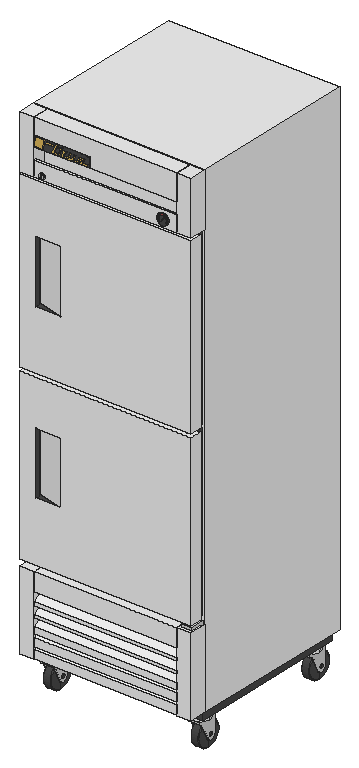
Revit family
Parameters
  Weight = "295 lbs."
  Watts = Volts * FL Amps  # 874 W
  Volts = 115 V
  URL Manufacturer = "www.truemfg.com"
  URL Cutsheet = "www.truemfg.com"
  URL = "www.truemfg.com"
  Type Mark [instance] = ""
  Type Comments = "www.truemfg.com"
  Status [instance] = ""
  Specification by User [instance] = ""
  Specification by Manufacturer = ""
  Show Seismic Flanged [instance] = no
  Show Logo [instance] = yes
  Show Legs [instance] = no
  Show Clearance [instance] = yes
  Show Casters [instance] = and(not(Show Legs), not(Show Seismic Flanged))  # yes
  Serial Number = ""
  Seismic Rating = ""
  Seismic Plate [instance] = and(Show Seismic Flanged, not(Show Casters))  # no
  SMACNA No = ""
  Revision Code [instance] = ""
  Phase = 1
  Omniclass Number and Title = ""
  Number of Poles [instance] = 1
  NAFEM Spec ID Number = ""
  Model = "T-23-2"
  Min Ckt Ampacity = 0 A
  Max Overcurrent Protection = 0 A
  MasterSpec. = ""
  Manufacturer = "TRUE FOOD SERVICE EQUIPMENT, INC."
  Legs [instance] = or(Show Legs, Show Seismic Flanged)  # no
  Item Number [instance] = ""
  Installed By [instance] = ""
  Identify Quantity as Lot [instance] = yes
  HP = "1/3"
  Furnished By [instance] = ""
  Foodservice Equipment Identifier [instance] = yes
  FL Amps = 7.6 A
  Electrical Remarks [instance] = "230-240/50/1"
  Electric Connection Type [instance] = ""
  Elec Conn RI Height [instance] = 0"
  Elec Conn Connection Height [instance] = 0"
  Description = "Reach-In Solid Half Swing Door Refrigerator"
  Cycle = 60 Hz
  Conn Plug NEMA = "NEMA-5-15P"
  Conn Conduit = yes
  CSI MasterFormat = ""
  CSI Master Format = ""
  Body Finish = QF_Finishes_Stainless Steel
  Base Height [instance] = if(Show Casters, 5", 6")  # 5"
  Apparent Power = if(Phase = 3, Volts * FL Amps * 1.73, Volts * FL Amps)  # 874 VA
Reference planes (in)
  plane 1 "BACK": y = 0
  plane 2: z = 0
  plane 3 "LEFT": x = 0
  plane 4 "RIGHT": x = 27
  plane 5 "FRONT": y = -29.5
  plane 6 "Top": z = 83.3125
  plane 7: z = 5
Forms (in)
  Revolve 1, solid, material "QF_Finishes_Black", visible <- "Show Casters"
    sketch origin (-0.14406, -24.48472, -1) x (1, 0, 0) y (0, 0, 1)
      loop
        line (2.62908, 4.89592) -> (2.525, 5) -> (1.475, 5) -> (1.375, 4.9) -> (1.375, 3.25) -> (1.05969, 3.25) -> (1.05969, 3) -> (2.94031, 3) -> (2.94031, 3.25) -> (2.62908, 3.25) -> (2.62908, 4.89592)
      axis (2.94031, 3) -> (1.05969, 3)
    angle from 0 to 360
  Revolve 2, solid, material "QF_Finishes_Black", visible <- "Show Casters"
    sketch origin (-0.14406, -2.56916, -1.70457) x (1, 0, 0) y (0, 0, 1)
      loop
        line (2.62908, 5.6005) -> (2.525, 5.70457) -> (1.475, 5.70457) -> (1.375, 5.60457) -> (1.375, 3.95457) -> (1.05969, 3.95457) -> (1.05969, 3.70457) -> (2.94031, 3.70457) -> (2.94031, 3.95457) -> (2.62908, 3.95457) -> (2.62908, 5.6005)
      axis (2.94031, 3.70457) -> (1.05969, 3.70457)
    angle from 0 to 360
  Revolve 3, solid, material "QF_Finishes_Chrome - Satin", visible <- "Show Casters"
    sketch origin (-0.14203, -25.23418, -2.97972) x (1, 0, 0) y (0, 0, 1)
      loop
        line (2, 7.47972) -> (2, 7.97972) -> (0.70293, 7.97972) -> (0.70293, 7.47972) -> (2, 7.47972)
      axis (2, 7.47972) -> (2, 7.97972)
    angle from 0 to 360
  Extrusion 4, solid, material "QF_Finishes_Handrails and Railings", visible <- "Show Casters"
    sketch origin (-47.92328, 8.23261, -2.74546) x (0, 1, 0) y (0, 0, 1)
      loop
        line (-34.85761, 7.24546) -> (-34.85761, 6.89061) -> (-31.89075, 6.89061) -> (-31.89075, 7.24546) -> (-34.85761, 7.24546)
    from 49.10625 to 50.45625
  Extrusion 5, solid, material "QF_Finishes_Handrails and Railings", visible <- "Show Casters"
    sketch origin (-0.14203, 9.88886, -2.21999) x (0, 1, 0) y (0, 0, 1)
      loop
        line (-36.51386, 6.71999) -> (-36.51386, 6.36514) -> (-36.13864, 6.36514) -> (-34.8897, 3.6891)
        arc (-34.8897, 3.6891) -> (-34.09722, 3.33917) -> (-33.547, 4.0083) r 0.71647
        line (-33.547, 4.0083) -> (-33.547, 6.71999) -> (-36.51386, 6.71999)
    from 1.175 to 1.325
  Extrusion 6, solid, material "QF_Finishes_Handrails and Railings", visible <- "Show Casters"
    sketch origin (3.85797, 9.88886, -2.21999) x (0, 1, 0) y (0, 0, -1)
      loop
        line (-36.51386, -6.71999) -> (-33.547, -6.71999) -> (-33.547, -4.0083)
        arc (-33.547, -4.0083) -> (-34.09722, -3.33917) -> (-34.8897, -3.6891) r 0.71647
        line (-34.8897, -3.6891) -> (-36.13864, -6.36514) -> (-36.51386, -6.36514) -> (-36.51386, -6.71999)
    from 1.175 to 1.325
  Revolve 7, solid, material "QF_Finishes_Black", visible <- "Show Casters"
    sketch origin (27.26906, -24.48472, -1) x (-1, 0, 0) y (0, 0, -1)
      loop
        line (2.62908, -4.89592) -> (2.62908, -3.25) -> (2.94031, -3.25) -> (2.94031, -3) -> (1.05969, -3) -> (1.05969, -3.25) -> (1.375, -3.25) -> (1.375, -4.9) -> (1.475, -5) -> (2.525, -5) -> (2.62908, -4.89592)
      axis (2.94031, -3) -> (1.05969, -3)
    angle from 0 to 360
  Revolve 8, solid, material "QF_Finishes_Black", visible <- "Show Casters"
    sketch origin (27.26906, -2.56916, -1.70457) x (-1, 0, 0) y (0, 0, -1)
      loop
        line (2.62908, -5.6005) -> (2.62908, -3.95457) -> (2.94031, -3.95457) -> (2.94031, -3.70457) -> (1.05969, -3.70457) -> (1.05969, -3.95457) -> (1.375, -3.95457) -> (1.375, -5.60457) -> (1.475, -5.70457) -> (2.525, -5.70457) -> (2.62908, -5.6005)
      axis (2.94031, -3.70457) -> (1.05969, -3.70457)
    angle from 0 to 360
  Extrusion 9, solid, material "QF_Finishes_Handrails and Railings", visible <- "Show Casters"
    sketch origin (27.26703, 9.88886, -2.21999) x (0, 1, 0) y (0, 0, -1)
      loop
        line (-36.51386, -6.71999) -> (-33.547, -6.71999) -> (-33.547, -4.0083)
        arc (-33.547, -4.0083) -> (-34.09722, -3.33917) -> (-34.8897, -3.6891) r 0.71647
        line (-34.8897, -3.6891) -> (-36.13864, -6.36514) -> (-36.51386, -6.36514) -> (-36.51386, -6.71999)
    from 1.175 to 1.325
  Extrusion 10, solid, material "QF_Finishes_Handrails and Railings", visible <- "Show Casters"
    sketch origin (23.26703, 9.88886, -2.21999) x (0, 1, 0) y (0, 0, 1)
      loop
        line (-36.51386, 6.71999) -> (-36.51386, 6.36514) -> (-36.13864, 6.36514) -> (-34.8897, 3.6891)
        arc (-34.8897, 3.6891) -> (-34.09722, 3.33917) -> (-33.547, 4.0083) r 0.71647
        line (-33.547, 4.0083) -> (-33.547, 6.71999) -> (-36.51386, 6.71999)
    from 1.175 to 1.325
  Revolve 11, solid, material "QF_Finishes_Stainless Steel" <- "Body Finish", visible <- "Legs"
    sketch origin (-0.14203, -24.48472, 0) x (1, 0, 0) y (0, 0, 1)
      loop
        line (2, 6) -> (0.68084, 6) -> (1.25, 1) -> (1.5, 1) -> (1.5, 0) -> (2, 0) -> (2, 6)
      axis (2, 0) -> (2, 6)
    angle from 0 to 360
  Revolve 12, solid, material "QF_Finishes_Stainless Steel" <- "Body Finish", visible <- "Legs"
    sketch origin (-0.14203, -2.56916, 0) x (1, 0, 0) y (0, 0, -1)
      loop
        line (2, -6) -> (2, 0) -> (1.5, 0) -> (1.5, -1) -> (1.25, -1) -> (0.68084, -6) -> (2, -6)
      axis (2, 0) -> (2, -6)
    angle from 0 to 360
  Extrusion 13, solid, material "QF_Finishes_Stainless Steel" <- "Body Finish", visible <- "Seismic Plate"
    sketch origin (-1.21118, -0.875, 0) x (1, 0, 0) y (0, 1, 0)
      loop
        circle (3.06916, -1.69416) r 1.5
    from 0 to 0.25
  Extrusion 14, solid, material "QF_Finishes_Stainless Steel" <- "Body Finish", visible <- "Seismic Plate"
    sketch origin (-1.21118, -17.79056, 0) x (1, 0, 0) y (0, 1, 0)
      loop
        circle (3.06916, -6.69416) r 1.5
    from 0 to 0.25
  Revolve 15, solid, material "QF_Finishes_Stainless Steel" <- "Body Finish", visible <- "Legs"
    sketch origin (27.26703, -24.48472, 0) x (-1, 0, 0) y (0, 0, -1)
      loop
        line (2, -6) -> (2, 0) -> (1.5, 0) -> (1.5, -1) -> (1.25, -1) -> (0.68084, -6) -> (2, -6)
      axis (2, 0) -> (2, -6)
    angle from 0 to 360
  Revolve 16, solid, material "QF_Finishes_Stainless Steel" <- "Body Finish", visible <- "Legs"
    sketch origin (27.26703, -2.56916, 0) x (-1, 0, 0) y (0, 0, 1)
      loop
        line (2, 6) -> (0.68084, 6) -> (1.25, 1) -> (1.5, 1) -> (1.5, 0) -> (2, 0) -> (2, 6)
      axis (2, 0) -> (2, 6)
    angle from 0 to 360
  Extrusion 17, solid, material "QF_Finishes_Stainless Steel" <- "Body Finish", visible <- "Seismic Plate"
    sketch origin (28.33618, -0.875, 0) x (-1, 0, 0) y (0, -1, 0)
      loop
        circle (3.06916, 1.69416) r 1.5
    from 0 to 0.25
  Extrusion 18, solid, material "QF_Finishes_Stainless Steel" <- "Body Finish", visible <- "Seismic Plate"
    sketch origin (28.33618, -17.79056, 0) x (-1, 0, 0) y (0, -1, 0)
      loop
        circle (3.06916, 6.69416) r 1.5
    from 0 to 0.25
  Extrusion 19, solid, material "QF_Finishes_Chrome - Satin"
    sketch origin (0, 0, 0) x (1, 0, 0) y (0, 0, 1)
      loop
        circle (6, 12) r 0.25
    from 0 to 0.0625
  Revolve 20, solid, material "QF_Finishes_Chrome - Satin", visible <- "Show Casters"
    sketch origin (-0.14203, -3.31862, -2.97972) x (1, 0, 0) y (0, 0, 1)
      loop
        line (2, 7.47972) -> (2, 7.97972) -> (0.70293, 7.97972) -> (0.70293, 7.47972) -> (2, 7.47972)
      axis (2, 7.47972) -> (2, 7.97972)
    angle from 0 to 360
  Extrusion 21, solid, material "QF_Finishes_Handrails and Railings", visible <- "Show Casters"
    sketch origin (-47.92328, 30.14817, -2.74546) x (0, 1, 0) y (0, 0, 1)
      loop
        line (-34.85761, 7.24546) -> (-34.85761, 6.89061) -> (-31.89075, 6.89061) -> (-31.89075, 7.24546) -> (-34.85761, 7.24546)
    from 49.10625 to 50.45625
  Extrusion 22, solid, material "QF_Finishes_Handrails and Railings", visible <- "Show Casters"
    sketch origin (-0.14203, 31.80442, -2.21999) x (0, 1, 0) y (0, 0, 1)
      loop
        line (-36.51386, 6.71999) -> (-36.51386, 6.36514) -> (-36.13864, 6.36514) -> (-34.8897, 3.6891)
        arc (-34.8897, 3.6891) -> (-34.09722, 3.33917) -> (-33.547, 4.0083) r 0.71647
        line (-33.547, 4.0083) -> (-33.547, 6.71999) -> (-36.51386, 6.71999)
    from 1.175 to 1.325
  Extrusion 23, solid, material "QF_Finishes_Handrails and Railings", visible <- "Show Casters"
    sketch origin (3.85797, 31.80442, -2.21999) x (0, 1, 0) y (0, 0, -1)
      loop
        line (-36.51386, -6.71999) -> (-33.547, -6.71999) -> (-33.547, -4.0083)
        arc (-33.547, -4.0083) -> (-34.09722, -3.33917) -> (-34.8897, -3.6891) r 0.71647
        line (-34.8897, -3.6891) -> (-36.13864, -6.36514) -> (-36.51386, -6.36514) -> (-36.51386, -6.71999)
    from 1.175 to 1.325
  Extrusion 24, solid, material "QF_Finishes_Handrails and Railings", visible <- "Show Casters"
    sketch origin (27.26703, 31.80442, -2.21999) x (0, 1, 0) y (0, 0, -1)
      loop
        line (-36.51386, -6.71999) -> (-33.547, -6.71999) -> (-33.547, -4.0083)
        arc (-33.547, -4.0083) -> (-34.09722, -3.33917) -> (-34.8897, -3.6891) r 0.71647
        line (-34.8897, -3.6891) -> (-36.13864, -6.36514) -> (-36.51386, -6.36514) -> (-36.51386, -6.71999)
    from 1.175 to 1.325
  Extrusion 25, solid, material "QF_Finishes_Handrails and Railings", visible <- "Show Casters"
    sketch origin (23.26703, 31.80442, -2.21999) x (0, 1, 0) y (0, 0, 1)
      loop
        line (-36.51386, 6.71999) -> (-36.51386, 6.36514) -> (-36.13864, 6.36514) -> (-34.8897, 3.6891)
        arc (-34.8897, 3.6891) -> (-34.09722, 3.33917) -> (-33.547, 4.0083) r 0.71647
        line (-33.547, 4.0083) -> (-33.547, 6.71999) -> (-36.51386, 6.71999)
    from 1.175 to 1.325
  Revolve 26, solid, material "QF_Finishes_Chrome - Satin", visible <- "Show Casters"
    sketch origin (27.26703, -25.23418, -2.97972) x (-1, 0, 0) y (0, 0, -1)
      loop
        line (2, -7.47972) -> (0.70293, -7.47972) -> (0.70293, -7.97972) -> (2, -7.97972) -> (2, -7.47972)
      axis (2, -7.47972) -> (2, -7.97972)
    angle from 0 to 360
  Extrusion 27, solid, material "QF_Finishes_Handrails and Railings", visible <- "Show Casters"
    sketch origin (75.04828, 8.23261, -2.74546) x (0, 1, 0) y (0, 0, -1)
      loop
        line (-34.85761, -7.24546) -> (-31.89075, -7.24546) -> (-31.89075, -6.89061) -> (-34.85761, -6.89061) -> (-34.85761, -7.24546)
    from 49.10625 to 50.45625
  Revolve 28, solid, material "QF_Finishes_Chrome - Satin", visible <- "Show Casters"
    sketch origin (27.26703, -3.31862, -2.97972) x (-1, 0, 0) y (0, 0, -1)
      loop
        line (2, -7.47972) -> (0.70293, -7.47972) -> (0.70293, -7.97972) -> (2, -7.97972) -> (2, -7.47972)
      axis (2, -7.47972) -> (2, -7.97972)
    angle from 0 to 360
  Extrusion 29, solid, material "QF_Finishes_Handrails and Railings", visible <- "Show Casters"
    sketch origin (75.04828, 30.14817, -2.74546) x (0, 1, 0) y (0, 0, -1)
      loop
        line (-34.85761, -7.24546) -> (-31.89075, -7.24546) -> (-31.89075, -6.89061) -> (-34.85761, -6.89061) -> (-34.85761, -7.24546)
    from 49.10625 to 50.45625
Cuts and joins
  joined: Extrusion 9, Extrusion 10, Extrusion 27
  joined: Extrusion 24, Extrusion 25, Extrusion 29
  joined: Extrusion 21, Extrusion 22, Extrusion 23
  joined: Extrusion 4, Extrusion 5, Extrusion 6
Lines and regions (in)
  symbolic lines, style "SpecialityEquipmentHiddenLines", visible <- "Show Casters"
    curve 1: line (0.31494, -3.98858, 0) -> (1.40101, -4.61562, 0)
    curve 2: line (2.31494, -0.52448, 0) -> (0.31494, -3.98858, 0)
    curve 3: line (3.40101, -1.15152, 0) -> (2.31494, -0.52448, 0)
    curve 4: line (1.40101, -4.61562, 0) -> (3.40101, -1.15152, 0)
    curve 5: line (23.72399, -3.98858, 0) -> (24.81006, -4.61562, 0)
    curve 6: line (25.72399, -0.52448, 0) -> (23.72399, -3.98858, 0)
    curve 7: line (26.81006, -1.15152, 0) -> (25.72399, -0.52448, 0)
    curve 8: line (24.81006, -4.61562, 0) -> (26.81006, -1.15152, 0)
    curve 9: line (0.31494, -25.90414, 0) -> (1.40101, -26.53118, 0)
    curve 10: line (2.31494, -22.44004, 0) -> (0.31494, -25.90414, 0)
    curve 11: line (3.40101, -23.06708, 0) -> (2.31494, -22.44004, 0)
    curve 12: line (1.40101, -26.53118, 0) -> (3.40101, -23.06708, 0)
    curve 13: line (23.72399, -25.90414, 0) -> (24.81006, -26.53118, 0)
    curve 14: line (25.72399, -22.44004, 0) -> (23.72399, -25.90414, 0)
    curve 15: line (26.81006, -23.06708, 0) -> (25.72399, -22.44004, 0)
    curve 16: line (24.81006, -26.53118, 0) -> (26.81006, -23.06708, 0)
Dimensions and locks (in)
  plane 1 "BACK" to plane 5 "FRONT" = 29 1/2"
  plane 6 "Top" to level = 83 5/16"  (x3)
  plane 5 "FRONT" to plane 1 "BACK" = 29 1/2"  (x2)
  plane 4 "RIGHT" to plane 3 "LEFT" = 27"  (x2)
  plane 2 to plane 6 "Top" = 83 5/16"
  plane 6 "Top" to plane 7 = 78 5/16"
  plane 3 "LEFT" to plane 4 "RIGHT" = 27"
  "Base Height": plane 7 to level
  locked: Revolve 11 sketch curve to level at 6
  locked: Revolve 12 sketch curve to level at 6
  nested 1 to plane 1 "BACK" = 55 1/32"
  Revolve 15 sketch curve to Revolve 15 sketch curve to Revolve 15 sketch curve = 5" locked, 1" locked
  Revolve 16 sketch curve to Revolve 16 sketch curve to Revolve 16 sketch curve = 5" locked, 1" locked
  Extrusion 19 sketch curve to Extrusion 19 sketch curve to plane 7 = 1/2" locked, 6 3/4" locked
  nested 1 to level = 46 9/16"
  nested 1 to nested 1 = 1.37687"
  nested 1 to nested 1 = 76.93563"
  aligned and locked: level to plane 2
  aligned: Extrusion 4 to Revolve 3
  aligned: Revolve 3 to Revolve 3
  aligned: plane 7 to Extrusion 5
  aligned: plane 7 to Extrusion 6
  aligned and locked: plane 1 "BACK" to nested 1
  aligned and locked: plane 3 "LEFT" to nested 1
  aligned and locked: nested 1 to plane 7
  aligned and locked: Revolve 3 sketch curve to Revolve 3 sketch curve
  aligned and locked: Revolve 1 sketch curve to Revolve 1 sketch curve
  aligned and locked: Revolve 2 sketch curve to Revolve 2 sketch curve
  aligned and locked: Revolve 20 sketch curve to Revolve 20 sketch curve
  aligned and locked: Revolve 26 sketch curve to Revolve 26 sketch curve
  aligned and locked: Revolve 28 sketch curve to Revolve 28 sketch curve
Automatic sketch dimensions
  plane 3 "LEFT" to Revolve 1 sketch curve = 0.5097"
  Revolve 1 sketch curve to Revolve 1 sketch curve = 0.40592"
  plane 3 "LEFT" to Revolve 1 sketch curve = 1.23094"
  Revolve 1 sketch curve to Revolve 1 sketch curve = 0.1"  (x2)
  Revolve 1 sketch curve to Revolve 1 sketch curve = 0.63788"
  Revolve 1 sketch curve to plane 7 = 1"
  Revolve 1 sketch curve to Revolve 1 sketch curve = 1.05"
  Revolve 1 sketch curve to Revolve 1 sketch curve = 0.6162"
  Revolve 1 sketch curve to Revolve 1 sketch curve = 0.31123"
  Revolve 1 sketch curve to Revolve 1 sketch curve = 0.10408"
  Revolve 1 sketch curve to Revolve 1 sketch curve = 1.65"
  Revolve 1 sketch curve to Revolve 1 sketch curve = 1/4"
  Revolve 1 sketch curve to Revolve 1 sketch curve = 0"
  plane 3 "LEFT" to Revolve 2 sketch curve = 0.5097"
  Revolve 2 sketch curve to Revolve 2 sketch curve = 0.40592"
  plane 3 "LEFT" to Revolve 2 sketch curve = 1.23094"
  Revolve 2 sketch curve to Revolve 2 sketch curve = 0.1"  (x2)
  Revolve 2 sketch curve to Revolve 2 sketch curve = 0.63788"
  Revolve 2 sketch curve to plane 7 = 1"
  Revolve 2 sketch curve to Revolve 2 sketch curve = 1.05"
  Revolve 2 sketch curve to Revolve 2 sketch curve = 0.6162"
  Revolve 2 sketch curve to Revolve 2 sketch curve = 0.31123"
  Revolve 2 sketch curve to Revolve 2 sketch curve = 0.10408"
  Revolve 2 sketch curve to Revolve 2 sketch curve = 1.65"
  Revolve 2 sketch curve to Revolve 2 sketch curve = 1/4"
  Revolve 2 sketch curve to Revolve 2 sketch curve = 0"
  Revolve 3 sketch curve to plane 7 = 0"
  plane 3 "LEFT" to Revolve 3 sketch curve = 0.56091"
  Revolve 3 sketch curve to Revolve 3 sketch curve = 1.29707"
  Revolve 3 sketch curve to plane 7 = 0.0891"
  Revolve 3 sketch curve to plane 7 = 1/2"
  Revolve 3 sketch curve to Revolve 3 sketch curve = 0.0891"
  Extrusion 4 sketch curve to plane 7 = 0.85485"
  Extrusion 4 sketch curve to plane 5 "FRONT" = 2 7/8"
  Extrusion 4 sketch curve to Extrusion 4 sketch curve = 2.96686"
  Extrusion 4 sketch curve to Extrusion 4 sketch curve = 0.35485"
  Extrusion 5 sketch curve to plane 7 = 1/2"
  Extrusion 5 sketch curve to plane 5 "FRONT" = 2 7/8"
  Extrusion 5 sketch curve to Extrusion 5 sketch curve = 0.37522"
  level to Extrusion 5 sketch curve = 1.46911"
  Extrusion 5 sketch curve to Extrusion 5 sketch curve = 1.24895"
  Extrusion 5 sketch curve to Extrusion 5 sketch curve = 0.62677"
  Extrusion 5 sketch curve to Extrusion 5 sketch curve = 2.59164"
  Extrusion 5 sketch curve to Extrusion 5 sketch curve = 0.3192"
  Extrusion 5 sketch curve to Extrusion 5 sketch curve = 0.35485"
  Extrusion 6 sketch curve to plane 7 = 0.85485"
  Extrusion 6 sketch curve to plane 5 "FRONT" = 2 7/8"
  Extrusion 6 sketch curve to Extrusion 6 sketch curve = 0.37522"
  level to Extrusion 6 sketch curve = 1.46911"
  Extrusion 6 sketch curve to Extrusion 6 sketch curve = 1.24895"
  Extrusion 6 sketch curve to Extrusion 6 sketch curve = 0.62677"
  Extrusion 6 sketch curve to Extrusion 6 sketch curve = 0.71593"
  Extrusion 6 sketch curve to plane 7 = 1/2"
  Extrusion 6 sketch curve to Extrusion 6 sketch curve = 0.34712"
  Revolve 7 sketch curve to plane 4 "RIGHT" = 0.3847"
  Revolve 7 sketch curve to Revolve 7 sketch curve = 0.40592"
  Revolve 7 sketch curve to Revolve 7 sketch curve = 0.31531"
  Revolve 7 sketch curve to Revolve 7 sketch curve = 0.1"  (x2)
  Revolve 7 sketch curve to Revolve 7 sketch curve = 0.63788"
  Revolve 7 sketch curve to plane 7 = 1"
  Revolve 7 sketch curve to Revolve 7 sketch curve = 1.05"
  Revolve 7 sketch curve to Revolve 7 sketch curve = 0.6162"
  Revolve 7 sketch curve to Revolve 7 sketch curve = 0.31123"
  Revolve 7 sketch curve to Revolve 7 sketch curve = 0.10408"
  Revolve 7 sketch curve to Revolve 7 sketch curve = 1.64592"
  Revolve 7 sketch curve to Revolve 7 sketch curve = 0"
  Revolve 7 sketch curve to Revolve 7 sketch curve = 1/4"  (x2)
  Revolve 8 sketch curve to plane 4 "RIGHT" = 0.3847"
  Revolve 8 sketch curve to Revolve 8 sketch curve = 0.40592"
  Revolve 8 sketch curve to Revolve 8 sketch curve = 0.31531"
  Revolve 8 sketch curve to Revolve 8 sketch curve = 0.1"  (x2)
  Revolve 8 sketch curve to Revolve 8 sketch curve = 0.63788"
  Revolve 8 sketch curve to plane 7 = 1"
  Revolve 8 sketch curve to Revolve 8 sketch curve = 1.05"
  Revolve 8 sketch curve to Revolve 8 sketch curve = 0.6162"
  Revolve 8 sketch curve to Revolve 8 sketch curve = 0.31123"
  Revolve 8 sketch curve to Revolve 8 sketch curve = 0.10408"
  Revolve 8 sketch curve to Revolve 8 sketch curve = 1.64592"
  Revolve 8 sketch curve to Revolve 8 sketch curve = 0"
  Revolve 8 sketch curve to Revolve 8 sketch curve = 1/4"  (x2)
  Extrusion 9 sketch curve to plane 7 = 0.85485"
  Extrusion 9 sketch curve to plane 5 "FRONT" = 2 7/8"
  Extrusion 9 sketch curve to Extrusion 9 sketch curve = 0.37522"
  level to Extrusion 9 sketch curve = 1.46911"
  Extrusion 9 sketch curve to Extrusion 9 sketch curve = 1.24895"
  Extrusion 9 sketch curve to Extrusion 9 sketch curve = 0.62677"
  Extrusion 9 sketch curve to Extrusion 9 sketch curve = 0.71593"
  Extrusion 9 sketch curve to plane 7 = 1/2"
  Extrusion 9 sketch curve to Extrusion 9 sketch curve = 0.34712"
  Extrusion 10 sketch curve to plane 7 = 0.85485"
  Extrusion 10 sketch curve to plane 5 "FRONT" = 2 7/8"
  Extrusion 10 sketch curve to Extrusion 10 sketch curve = 0.37522"
  level to Extrusion 10 sketch curve = 1.46911"
  Extrusion 10 sketch curve to Extrusion 10 sketch curve = 1.24895"
  Extrusion 10 sketch curve to Extrusion 10 sketch curve = 0.62677"
  Extrusion 10 sketch curve to Extrusion 10 sketch curve = 0.71593"
  Extrusion 10 sketch curve to Extrusion 10 sketch curve = 0.3192"
  Extrusion 10 sketch curve to Extrusion 10 sketch curve = 0.35485"
  Revolve 11 sketch curve to level = 0"
  plane 3 "LEFT" to Revolve 11 sketch curve = 0.53882"
  plane 3 "LEFT" to Revolve 11 sketch curve = 1.10797"
  Revolve 11 sketch curve to Revolve 11 sketch curve = 1/4"
  Revolve 11 sketch curve to Revolve 11 sketch curve = 1/2"
  Revolve 11 sketch curve to Revolve 11 sketch curve = 0"
  level to Revolve 11 sketch curve = 1"
  plane 7 to Revolve 11 sketch curve = 1/2"
  Revolve 11 sketch curve to Revolve 11 sketch curve = 29/32"
  Revolve 12 sketch curve to level = 0"
  plane 3 "LEFT" to Revolve 12 sketch curve = 0.53882"
  plane 3 "LEFT" to Revolve 12 sketch curve = 1.10797"
  Revolve 12 sketch curve to Revolve 12 sketch curve = 1/4"
  Revolve 12 sketch curve to Revolve 12 sketch curve = 1/2"
  Revolve 12 sketch curve to Revolve 12 sketch curve = 0"
  Revolve 12 sketch curve to Revolve 12 sketch curve = 29/32"
  plane 7 to Revolve 12 sketch curve = 1/2"
  level to Revolve 12 sketch curve = 1"
  plane 3 "LEFT" to Extrusion 13 sketch curve = 1.85797"
  plane 1 "BACK" to Extrusion 13 sketch curve = 2.56916"
  plane 3 "LEFT" to Extrusion 14 sketch curve = 1.85797"
  Extrusion 14 sketch curve to plane 5 "FRONT" = 5.01528"
  Revolve 15 sketch curve to level = 0"
  Revolve 15 sketch curve to plane 4 "RIGHT" = 0.41382"
  Revolve 15 sketch curve to plane 4 "RIGHT" = 0.98297"
  Revolve 15 sketch curve to Revolve 15 sketch curve = 1/4"
  Revolve 15 sketch curve to Revolve 15 sketch curve = 1/2"
  Revolve 15 sketch curve to Revolve 15 sketch curve = 0"
  Revolve 15 sketch curve to Revolve 15 sketch curve = 29/32"
  plane 7 to Revolve 15 sketch curve = 1/2"
  Revolve 16 sketch curve to level = 0"
  Revolve 16 sketch curve to plane 4 "RIGHT" = 0.41382"
  Revolve 16 sketch curve to plane 4 "RIGHT" = 0.98297"
  Revolve 16 sketch curve to Revolve 16 sketch curve = 1/4"
  Revolve 16 sketch curve to Revolve 16 sketch curve = 1/2"
  Revolve 16 sketch curve to Revolve 16 sketch curve = 0"
  plane 7 to Revolve 16 sketch curve = 1/2"
  Revolve 16 sketch curve to Revolve 16 sketch curve = 29/32"
  Extrusion 17 sketch curve to plane 4 "RIGHT" = 1.73297"
  plane 1 "BACK" to Extrusion 17 sketch curve = 2.56916"
  Extrusion 18 sketch curve to plane 4 "RIGHT" = 1.73297"
  Extrusion 18 sketch curve to plane 5 "FRONT" = 5.01528"
  plane 3 "LEFT" to Extrusion 19 sketch curve = 6"
  Revolve 20 sketch curve to plane 7 = 0"
  plane 3 "LEFT" to Revolve 20 sketch curve = 0.56091"
  Revolve 20 sketch curve to Revolve 20 sketch curve = 1.29707"
  Revolve 20 sketch curve to plane 7 = 0.0891"
  Revolve 20 sketch curve to plane 7 = 1/2"
  Revolve 20 sketch curve to Revolve 20 sketch curve = 0.0891"
  Extrusion 21 sketch curve to plane 7 = 0.85485"
  plane 1 "BACK" to Extrusion 21 sketch curve = 4.70944"
  plane 1 "BACK" to Extrusion 21 sketch curve = 1.74258"
  Extrusion 21 sketch curve to Extrusion 21 sketch curve = 0.35485"
  Extrusion 22 sketch curve to plane 7 = 1/2"
  plane 1 "BACK" to Extrusion 22 sketch curve = 4.70944"
  Extrusion 22 sketch curve to Extrusion 22 sketch curve = 0.37522"
  level to Extrusion 22 sketch curve = 1.46911"
  Extrusion 22 sketch curve to Extrusion 22 sketch curve = 1.24895"
  Extrusion 22 sketch curve to Extrusion 22 sketch curve = 0.62677"
  plane 1 "BACK" to Extrusion 22 sketch curve = 1.74258"
  Extrusion 22 sketch curve to Extrusion 22 sketch curve = 0.3192"
  Extrusion 22 sketch curve to Extrusion 22 sketch curve = 0.35485"
  Extrusion 23 sketch curve to plane 7 = 0.85485"
  plane 1 "BACK" to Extrusion 23 sketch curve = 4.70944"
  Extrusion 23 sketch curve to Extrusion 23 sketch curve = 0.37522"
  level to Extrusion 23 sketch curve = 1.46911"
  Extrusion 23 sketch curve to Extrusion 23 sketch curve = 1.24895"
  Extrusion 23 sketch curve to Extrusion 23 sketch curve = 0.62677"
  Extrusion 23 sketch curve to Extrusion 23 sketch curve = 0.71593"
  Extrusion 23 sketch curve to plane 7 = 1/2"
  Extrusion 23 sketch curve to Extrusion 23 sketch curve = 0.34712"
  Extrusion 24 sketch curve to plane 7 = 0.85485"
  plane 1 "BACK" to Extrusion 24 sketch curve = 4.70944"
  Extrusion 24 sketch curve to Extrusion 24 sketch curve = 0.37522"
  level to Extrusion 24 sketch curve = 1.46911"
  Extrusion 24 sketch curve to Extrusion 24 sketch curve = 1.24895"
  Extrusion 24 sketch curve to Extrusion 24 sketch curve = 0.62677"
  Extrusion 24 sketch curve to Extrusion 24 sketch curve = 0.71593"
  Extrusion 24 sketch curve to plane 7 = 1/2"
  Extrusion 24 sketch curve to Extrusion 24 sketch curve = 0.34712"
  Extrusion 25 sketch curve to plane 7 = 0.85485"
  plane 1 "BACK" to Extrusion 25 sketch curve = 4.70944"
  Extrusion 25 sketch curve to Extrusion 25 sketch curve = 0.37522"
  level to Extrusion 25 sketch curve = 1.46911"
  Extrusion 25 sketch curve to Extrusion 25 sketch curve = 1.24895"
  Extrusion 25 sketch curve to Extrusion 25 sketch curve = 0.62677"
  Extrusion 25 sketch curve to Extrusion 25 sketch curve = 0.71593"
  Extrusion 25 sketch curve to Extrusion 25 sketch curve = 0.3192"
  Extrusion 25 sketch curve to Extrusion 25 sketch curve = 0.35485"
  Revolve 26 sketch curve to plane 7 = 0"
  Revolve 26 sketch curve to plane 4 "RIGHT" = 0.43591"
  Revolve 26 sketch curve to Revolve 26 sketch curve = 1.29707"
  Revolve 26 sketch curve to plane 7 = 0.0891"
  Revolve 26 sketch curve to Revolve 26 sketch curve = 0.4109"
  Revolve 26 sketch curve to Revolve 26 sketch curve = 0.0891"
  Extrusion 27 sketch curve to plane 7 = 0.85485"
  Extrusion 27 sketch curve to plane 5 "FRONT" = 2 7/8"
  Extrusion 27 sketch curve to Extrusion 27 sketch curve = 2.96686"
  Extrusion 27 sketch curve to Extrusion 27 sketch curve = 0.35485"
  Revolve 28 sketch curve to plane 7 = 0"
  Revolve 28 sketch curve to plane 4 "RIGHT" = 0.43591"
  Revolve 28 sketch curve to Revolve 28 sketch curve = 1.29707"
  Revolve 28 sketch curve to plane 7 = 0.0891"
  Revolve 28 sketch curve to Revolve 28 sketch curve = 0.4109"
  Revolve 28 sketch curve to Revolve 28 sketch curve = 0.0891"
  Extrusion 29 sketch curve to plane 7 = 0.85485"
  plane 1 "BACK" to Extrusion 29 sketch curve = 4.70944"
  plane 1 "BACK" to Extrusion 29 sketch curve = 1.74258"
  Extrusion 29 sketch curve to Extrusion 29 sketch curve = 0.35485"
  plane 3 "LEFT" to curve 1 = 0.31494"
  plane 3 "LEFT" to curve 10 = 0.31494"
  curve 1 to curve 1 = 1.08606"
  curve 9 to curve 9 = 1.08606"
  plane 1 "BACK" to curve 3 = 0.52448"
  plane 3 "LEFT" to curve 3 = 2.31494"
  plane 3 "LEFT" to curve 10 = 2.31494"
  curve 13 to plane 4 "RIGHT" = 3.27601"
  curve 5 to plane 4 "RIGHT" = 3.27601"
  curve 14 to curve 13 = 1.08606"
  curve 5 to curve 8 = 1.08606"
  plane 1 "BACK" to curve 7 = 0.52448"
  curve 7 to plane 4 "RIGHT" = 1.27601"
  curve 14 to plane 4 "RIGHT" = 1.27601"
  plane 1 "BACK" to curve 7 = 1.15152"
  plane 1 "BACK" to curve 4 = 1.15152"
  curve 14 to plane 5 "FRONT" = 7.05996"
  curve 11 to plane 5 "FRONT" = 7.05996"
  curve 16 to curve 14 = 0.62704"
  curve 12 to curve 10 = 0.62704"
  radius of Extrusion 13 sketch curve = 1 1/2"
  radius of Extrusion 14 sketch curve = 1 1/2"
  radius of Extrusion 17 sketch curve = 1 1/2"
  radius of Extrusion 18 sketch curve = 1 1/2"
Nested families (in)
  nested 1: "True_T-23-2" at (0, 0, 1.25), Show Logo <- "Show Logo", Show Clearance <- "Show Clearance", type "True_T-23-2"
    with Show Logo yes, Show Clearance yes
Connectors (in)
  electrical at (6, 0, 12), driven by "Volts", driven by "Watts"
    settings: on Extrusion 19, index 1, voltage 115 V, apparent load 874 VA, apparent load phase1 0 VA, apparent load phase2 0 VA, apparent load phase3 0 VA, power factor 1, load classification "Other", number of poles 1, system type 30, power factor state 1, is connector primary yes, connector utility no, sub classification motor no, connector description "Electrical Connection"
Definition of nested family "True_T-23-2"
  Parameters (values of type "True_T-23-2")
    URL = ""
    Type Comments = ""
    Show Logo [instance] = yes
    Show Clearance [instance] = yes
    Model = ""
    Manufacturer = ""
    Description = ""
    Assembly Code = ""
  Reference planes (in)
    plane 1 "BACK": y = 0
    plane 2: z = 0
    plane 3 "LEFT": x = 0
    plane 4 "RIGHT": x = 27
    plane 5 "FRONT": y = -29.5
    plane 6 "Top": z = 82.0625
  Forms (in)
    Extrusion 1, solid, material "QF_Finishes_Chrome - Satin"
      sketch origin (0.05, 0, 0) x (1, 0, 0) y (0, 1, 0)
        loop
          line (-0.05, 0) -> (-0.05, -1) -> (26.95, -1) -> (26.95, 0) -> (-0.05, 0)
      from 5.125 to 82.0625
    Extrusion 2, solid, material "QF_Finishes_Black"
      sketch origin (0, 0, 0.5) x (1, 0, 0) y (0, 1, 0)
        loop
          line (0.5, -1) -> (0.5, -26.65625) -> (26.625, -26.65625) -> (26.625, -1) -> (0.5, -1)
      from 3.25 to 4.625
    Extrusion 3, solid, material "QF_Finishes_Black"
      sketch origin (0, -5, 0) x (1, 0, 0) y (0, 1, 0)
        loop
          line (0.5, -21.75) -> (0.5, -22.54725) -> (26.625, -22.54725) -> (26.625, -21.75) -> (0.5, -21.75)
      from 18.625 to 45.3125
    Extrusion 4, solid, material "QF_Finishes_Chrome - Satin"
      sketch origin (-25.125, 4.25, -0.71875) x (1, 0, 0) y (0, 0, 1)
        loop
          line (25.125, 19.34375) -> (52.125, 19.34375) -> (52.125, 46.03125) -> (25.125, 46.03125) -> (25.125, 19.34375)
      from 31.79725 to 33.75
    Extrusion 5, solid, material "QF_Finishes_Chrome - Satin"
      sketch origin (0, -5, 5.75) x (0, 1, 0) y (0, 0, 1)
        loop
          line (-21.75, -0.62313) -> (-21.75, 11.8125) -> (-24.49666, 11.8125) -> (-24.49666, 8.90149) -> (-22.29246, 10.46875) -> (-22.29246, 9.06818) -> (-24.49666, 7.50091) -> (-24.49666, 7.02971) -> (-22.29246, 8.59697) -> (-22.29246, 7.22996) -> (-24.49666, 5.6627) -> (-24.49666, 5.21649) -> (-22.29246, 6.78375) -> (-22.29246, 5.50523) -> (-24.49666, 3.93797) -> (-24.49666, 2.9375) -> (-22.29246, 4.50476) -> (-22.29246, 4.05855) -> (-24.49666, 2.49129) -> (-24.49666, 1.21277) -> (-22.29246, 2.78003) -> (-22.29246, 2.33382) -> (-24.49666, 0.76656) -> (-24.49666, -0.62313) -> (-21.75, -0.62313)
        loop
          line (-21.75, 76.3125) -> (-24.5, 76.3125) -> (-24.5, 72.1875) -> (-22.5, 71.19565) -> (-22.5, 68.07065) -> (-24.25, 68.07065) -> (-24.25, 70.32065) -> (-24.5, 70.32065) -> (-24.5, 67.82065) -> (-21.75, 67.82065) -> (-21.75, 76.3125)
      from 2.25 to 24.75094
    Extrusion 6, solid, material "QF_Finishes_Handrails and Railings"
      sketch origin (0, -5, 6.25) x (1, 0, 0) y (0, 1, 0)
        loop
          circle (25.92228, -23.28471) r 0.5
      from 11.88262 to 12.375
    Extrusion 7, solid, material "QF_Finishes_Handrails and Railings"
      sketch origin (2.24906, -5, 6.25) x (0, 1, 0) y (0, 0, 1)
        loop
          line (-21.92236, 11.3125) -> (-21.92236, 11.88262) -> (-24.17236, 11.88262) -> (-24.17236, 11.47736) -> (-22.42236, 11.47736) -> (-22.42236, 11.3125) -> (-21.92236, 11.3125)
      from 23.06646 to 24.65563
    Extrusion 8, solid, material "QF_Finishes_Chrome - Satin"
      sketch origin (0, -5, 0) x (1, 0, 0) y (0, 0, 1)
        loop
          line (24.875, 17.5625) -> (24.875, 5.125) -> (27, 5.125) -> (27, 17.5625) -> (24.875, 17.5625)
        loop
          line (0, 17.5625) -> (0, 5.125) -> (2.125, 5.125) -> (2.125, 17.5625) -> (0, 17.5625)
        loop
          line (0, 82.0625) -> (0, 73.57065) -> (2.125, 73.57065) -> (2.125, 82.0625) -> (0, 82.0625)
        loop
          line (24.875, 82.0625) -> (24.875, 73.57065) -> (27, 73.57065) -> (27, 82.0625) -> (24.875, 82.0625)
      from 21.75 to 24.5
    Extrusion 9, solid, material "QF_Finishes_Handrails and Railings"
      sketch origin (0, -5, 61.31303) x (1, 0, 0) y (0, 1, 0)
        loop
          circle (25.92228, -23.28471) r 0.5
      from 11.88262 to 12.25762
    Extrusion 10, solid, material "QF_Finishes_Black", visible <- "Show Logo"
      sketch origin (-11.34257, -10.68962, 94.3704) x (0, 0.579482, 0.814985) y (0, -0.814985, 0.579482)
        loop
          line (-24.29284, 5.80762) -> (-22.95998, 6.75533) -> (-22.97916, 6.78231) -> (-24.31203, 5.8346) -> (-24.29284, 5.80762)
      from 13.59257 to 22.34257
    Extrusion 11, solid, material "QF_Finishes_Satin Goldenrod", visible <- "Show Logo"
      sketch origin (-2.19529, 5.26285, 21.87842) x (1, 0, 0) y (0, -0.000498, 1)
        loop
          line (6.49169, 57.39981) -> (6.38603, 57.17323) -> (7.69777, 57.17323)
          arc (7.69777, 57.17323) -> (7.72629, 57.12278) -> (7.69777, 57.07234) r 0.05887
          line (7.69777, 57.07234) -> (7.33119, 56.28622)
          arc (7.33119, 56.28622) -> (7.32801, 56.21341) -> (7.37725, 56.15967) r 0.09523
          line (7.37725, 56.15967) -> (8.27594, 56.15967)
          arc (8.27594, 56.15967) -> (8.38942, 56.19545) -> (8.46186, 56.28985) r 0.19785
          line (8.46186, 56.28985) -> (8.75035, 56.90851) -> (9.0154, 56.90851)
          arc (9.0154, 56.90851) -> (9.08494, 56.88293) -> (9.07487, 56.80953) r 0.05911
          line (9.07487, 56.80953) -> (8.83348, 56.29187)
          arc (8.83348, 56.29187) -> (8.83724, 56.2059) -> (8.90981, 56.15967) r 0.09318
          line (8.90981, 56.15967) -> (9.69948, 56.15967)
          arc (9.69948, 56.15967) -> (9.75999, 56.18169) -> (9.79218, 56.23745) r 0.09412
          arc (9.79218, 56.23745) -> (9.81496, 56.18245) -> (9.86996, 56.15967) r 0.07778
          line (9.86996, 56.15967) -> (10.36996, 56.15967)
          arc (10.36996, 56.15967) -> (10.42772, 56.17515) -> (10.47001, 56.21743) r 0.11552
          arc (10.47001, 56.21743) -> (10.49025, 56.16856) -> (10.53912, 56.14831) r 0.06912
          line (10.53912, 56.14831) -> (11.24975, 56.14831)
          arc (11.24975, 56.14831) -> (11.30784, 56.17238) -> (11.33191, 56.23047) r 0.08216
          arc (11.33191, 56.23047) -> (11.38517, 56.17722) -> (11.45792, 56.15772) r 0.14551
          line (11.45792, 56.15772) -> (12.78908, 56.15772) -> (12.93696, 56.41384) -> (11.59428, 56.41384)
          arc (11.59428, 56.41384) -> (11.55722, 56.43954) -> (11.55584, 56.48461) r 0.05009
          line (11.55584, 56.48461) -> (11.57907, 56.53442)
          arc (11.57907, 56.53442) -> (11.61473, 56.58114) -> (11.67077, 56.59885) r 0.09747
          line (11.67077, 56.59885) -> (12.10235, 56.59885)
          arc (12.10235, 56.59885) -> (12.1955, 56.62381) -> (12.26369, 56.692) r 0.1863
          line (12.26369, 56.692) -> (12.38869, 56.90851)
          arc (12.38869, 56.90851) -> (12.38869, 57.02407) -> (12.28861, 57.08184) r 0.11556
          line (12.28861, 57.08184) -> (11.83312, 57.08184)
          arc (11.83312, 57.08184) -> (11.717, 57.06212) -> (11.63599, 56.97662) r 0.18605
          line (11.63599, 56.97662) -> (11.41954, 56.51243)
          arc (11.41954, 56.51243) -> (11.35565, 56.42917) -> (11.25556, 56.39761) r 0.1745
          line (11.25556, 56.39761) -> (10.78309, 56.39761)
          arc (10.78309, 56.39761) -> (10.72653, 56.45934) -> (10.73018, 56.54298) r 0.10939
          line (10.73018, 56.54298) -> (10.98145, 57.08184) -> (10.82153, 57.08184) -> (10.55531, 56.51094)
          arc (10.55531, 56.51094) -> (10.50359, 56.44353) -> (10.42255, 56.41798) r 0.14128
          line (10.42255, 56.41798) -> (10.09675, 56.41798)
          arc (10.09675, 56.41798) -> (10.04169, 56.48973) -> (10.0535, 56.57939) r 0.11816
          line (10.0535, 56.57939) -> (10.2878, 57.08184) -> (10.12264, 57.08184) -> (9.85296, 56.5035)
          arc (9.85296, 56.5035) -> (9.79035, 56.44089) -> (9.70483, 56.41798) r 0.17104
          line (9.70483, 56.41798) -> (9.23305, 56.41798)
          arc (9.23305, 56.41798) -> (9.14832, 56.45749) -> (9.14017, 56.55063) r 0.0935
          line (9.14017, 56.55063) -> (9.29524, 56.88319) -> (9.51445, 56.88319)
          arc (9.51445, 56.88319) -> (9.55145, 56.99467) -> (9.63017, 57.08184) r 0.2857
          line (9.63017, 57.08184) -> (8.77355, 57.08184)
          arc (8.77355, 57.08184) -> (8.67836, 57.06074) -> (8.61248, 56.98885) r 0.16212
          line (8.61248, 56.98885) -> (8.38029, 56.49091)
          arc (8.38029, 56.49091) -> (8.3269, 56.43752) -> (8.25397, 56.41798) r 0.14586
          line (8.25397, 56.41798) -> (7.74256, 56.41798)
          arc (7.74256, 56.41798) -> (7.70264, 56.47192) -> (7.71024, 56.53859) r 0.09155
          line (7.71024, 56.53859) -> (8.04768, 57.17323) -> (8.89905, 57.17323) -> (9.00471, 57.39981) -> (8.15334, 57.39981) -> (8.25899, 57.62638) -> (7.95612, 57.62638) -> (7.85047, 57.39981) -> (6.49169, 57.39981)
        loop
          arc (11.77555, 56.87613) -> (11.73869, 56.86625) -> (11.7117, 56.83926) r 0.07373
          line (11.7117, 56.83926) -> (11.68979, 56.77186)
          arc (11.68979, 56.77186) -> (11.69995, 56.74733) -> (11.72449, 56.73716) r 0.0347
          line (11.72449, 56.73716) -> (12.09698, 56.73716)
          arc (12.09698, 56.73716) -> (12.12382, 56.74311) -> (12.14562, 56.75984) r 0.0635
          line (12.14562, 56.75984) -> (12.16374, 56.84372)
          arc (12.16374, 56.84372) -> (12.15841, 56.86618) -> (12.13759, 56.87613) r 0.02676
          line (12.13759, 56.87613) -> (11.77555, 56.87613)
        loop
          line (4.80351, 57.58316) -> (4.57805, 56.15967) -> (5.86794, 56.15967) -> (6.0934, 57.58316) -> (4.80351, 57.58316)
      from 34.76797 to 34.83173
    Extrusion 12, solid, material "QF_Finishes_Black"
      sketch origin (0, -5, 3.5625) x (1, 0, 0) y (0, 0, 1)
        loop
          circle (22.64702, 71.19827) r 0.86908
      from 24.5 to 24.58496
    Extrusion 13, solid, material "QF_Finishes_Handrails and Railings"
      sketch origin (0, -5, 3.5625) x (1, 0, 0) y (0, 0, 1)
        loop
          circle (3.51811, 70.59973) r 0.40486
        loop
          line (3.46374, 70.92738) -> (3.46374, 70.26052) -> (3.5845, 70.26052) -> (3.5845, 70.92738) -> (3.46374, 70.92738)
        loop
          line (22.57492, 71.11105) -> (22.6463, 71.06984) -> (23.01752, 71.79524) -> (22.57492, 71.11105)
      from 24.5 to 24.68278
    Extrusion 14, solid, material "QF_Finishes_Red"
      sketch origin (0, -5, 3.5625) x (1, 0, 0) y (0, 0, 1)
        loop
          arc (23.34868, 70.93337) -> (22.91192, 71.89993) -> (21.94536, 71.46317) r 0.75
          line (21.94536, 71.46317) -> (22.04995, 71.42368)
          arc (22.04995, 71.42368) -> (22.87244, 71.79534) -> (23.24409, 70.97285) r 0.63821
          line (23.24409, 70.97285) -> (23.34868, 70.93337)
      from 24.58496 to 24.60325
    Extrusion 15, solid, material "QF_Finishes_Green"
      sketch origin (0, -5, 3.5625) x (1, 0, 0) y (0, 0, 1)
        loop
          arc (21.94536, 71.46317) -> (21.92217, 71.00566) -> (22.1694, 70.62001) r 0.75
          line (22.1694, 70.62001) -> (22.27308, 70.68109)
          arc (22.27308, 70.68109) -> (22.03581, 71.01462) -> (22.04995, 71.42368) r 0.63821
          line (22.04995, 71.42368) -> (21.94536, 71.46317)
      from 24.58496 to 24.60325
    Extrusion 16, void
      sketch origin (24.46875, 4.25, 54.44304) x (0, -1, 0) y (-1, 0, 0)
        loop
          line (33.75, 17.96875) -> (33.75, 21.96875) -> (33.25, 21.96875) -> (33.25, 22.21875) -> (32.56139, 22.21875) -> (33.75, 17.96875)
      from 16.38054 to 26.38054
    Extrusion 17, solid, material "QF_Finishes_Chrome - Satin"
      sketch origin (0, -14.71875, 0) x (1, 0, 0) y (0, 0, 1)
        loop
          line (0, 82.0625) -> (0, 5.125) -> (27, 5.125) -> (27, 82.0625) -> (0, 82.0625)
        loop
          line (0.75, 72.9375) -> (0.75, 46.0625) -> (26.375, 46.0625) -> (26.375, 72.9375) -> (0.75, 72.9375)
      from -13.71875 to 12.03125
    Extrusion 18, solid, material "QF_Finishes_Black"
      sketch origin (0, -5, 27.1875) x (1, 0, 0) y (0, 1, 0)
        loop
          line (0.5, -21.75) -> (0.5, -22.54725) -> (26.625, -22.54725) -> (26.625, -21.75) -> (0.5, -21.75)
      from 18.625 to 46.00815
    Extrusion 19, solid, material "QF_Finishes_Chrome - Satin"
      sketch origin (-25.125, 4.25, 26.46875) x (1, 0, 0) y (0, 0, 1)
        loop
          line (25.125, 19.34375) -> (52.125, 19.34375) -> (52.125, 46.72691) -> (25.125, 46.72691) -> (25.125, 19.34375)
      from 31.79725 to 33.75
    Extrusion 20, void
      sketch origin (24.46875, 4.25, 81.63054) x (0, -1, 0) y (-1, 0, 0)
        loop
          line (33.75, 17.96875) -> (33.75, 21.96875) -> (33.25, 21.96875) -> (33.25, 22.21875) -> (32.56139, 22.21875) -> (33.75, 17.96875)
      from 16.38054 to 26.38054
    Extrusion 21, solid, material "QF_Finishes_Handrails and Railings"
      sketch origin (0, -5, 33.42988) x (1, 0, 0) y (0, 1, 0)
        loop
          circle (25.92228, -23.28471) r 0.5
      from 11.88262 to 12.38262
    Extrusion 22, solid, material "QF_Finishes_Door Clearance", visible <- "Show Clearance", detail levels coarse
      sketch origin (26.42841, 0.6402, -2.90625) x (1, 0, 0) y (0, 1, 0)
        loop
          arc (-26.42841, -30.1402) -> (-18.00451, -48.27394) -> (0.57159, -55.67145) r 27.05681
          line (0.57159, -55.67145) -> (0.57159, -30.1402) -> (-26.42841, -30.1402)
      from 21.53125 to 48.21875
    Extrusion 23, solid, material "QF_Finishes_Door Clearance", visible <- "Show Clearance", detail levels coarse
      sketch origin (26.42841, 0.6402, 24.9769) x (1, 0, 0) y (0, 1, 0)
        loop
          arc (-26.42841, -30.1402) -> (-18.00451, -48.27394) -> (0.57159, -55.67145) r 27.05681
          line (0.57159, -55.67145) -> (0.57159, -30.1402) -> (-26.42841, -30.1402)
      from 20.8356 to 48.21875
  Cuts and joins
    Extrusion 16, Extrusion 20 cuts Extrusion 4
    Extrusion 16, Extrusion 20 cuts Extrusion 5
    Extrusion 16, Extrusion 20 cuts Extrusion 8
    joined: Extrusion 1, Extrusion 17
    Extrusion 20 cuts Extrusion 19
  Lines and regions (in)
    symbolic lines, style "QF_Door Swings", visible <- "Show Clearance", detail levels coarse
      curve 1: line (27, -29.5, 0) -> (27, -55.03125, 0)
      curve 2: arc (0, -29.5, 0) -> (8.4239, -47.63374, 0) -> (27, -55.03125, 0) r 27.05681
    symbolic lines
      curve 3: line (0, 0, 0) -> (27, 0, 0)
      curve 4: line (0, -29.5, 0) -> (0, 0, 0)
      curve 5: line (27, -29.5, 0) -> (0, -29.5, 0)
      curve 6: line (27, 0, 0) -> (27, -29.5, 0)
      curve 7: line (27, -26.75, 0) -> (0, -26.75, 0)
  Dimensions and locks (in)
    plane 1 "BACK" to plane 5 "FRONT" = 29 1/2"
    plane 6 "Top" to level = 82 1/16"  (x2)
    plane 5 "FRONT" to plane 1 "BACK" = 29 1/2"  (x2)
    plane 4 "RIGHT" to plane 3 "LEFT" = 27"
    plane 2 to plane 6 "Top" = 82 1/16"
    Extrusion 4 sketch curve to Extrusion 4 sketch curve = 27"
    Extrusion 4 sketch curve to Extrusion 4 sketch curve = 26 11/16"
    plane 6 "Top" to Extrusion 2 = 76 15/16"
    Extrusion 19 sketch curve to Extrusion 19 sketch curve = 27"
    Extrusion 19 sketch curve to Extrusion 19 sketch curve = 27.38315"
    curve 2 to plane 1 "BACK" = 55 1/32"
    aligned and locked: level to plane 2
    aligned and locked: cut or joined group of Extrusion 4, Extrusion 16, Extrusion 20 to Extrusion 3
    aligned and locked: Extrusion 17 to Extrusion 1
    aligned and locked: Extrusion 17 to cut or joined group of Extrusion 8, Extrusion 16, Extrusion 20
